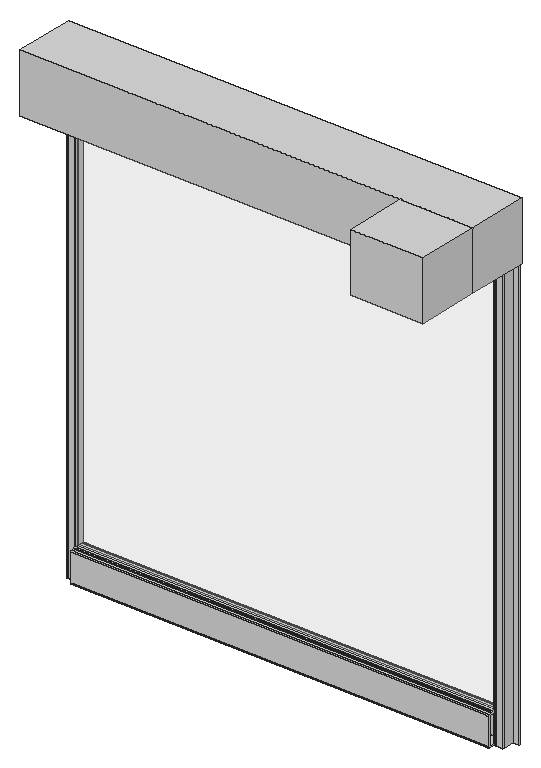
Revit family "Door-Crossing-Gard-Grille_FaceOfWallMount_Cookson", category Doors, host Wall, Revit 2013
Parameters (values of type "Motor Operated, Aluminium (Anodized Finish), 3" Vertical Spacing")
  Sizing Disclaimer = "Openings from 5' to 24' wide and 4' to 20' high."  # constant formula
  Revit Object Download Link = "http://cornellcookson.smartbim.com/download/Door_Crossing-Gard-Grille_FaceOfWallMount_Cookson"
  Motor = yes
  Function = Interior
  Drip Extension = 0' - 5"
  Curtain Rods 2" OC Standard = Aluminum, anodized finish 3" Spacing (curtain only)
  Bottom Bar = Aluminum, anodized finish(non-curtain components)
  Guides = Aluminum, anodized finish(non-curtain components)
  Hood = Aluminum, anodized finish(non-curtain components)
  Mounting = "Face of Wall "  # constant formula
  URL = "www.cooksondoor.com/product/CrossingGard-Grilles"
  Subcategory = "Roll Up"  # constant formula
  Shutter Width = Width + 2 * 0' 2 1/2" + 2 * 0' 0 15/32"  # 10' - 5 15/16"
  Shutter Height = Height - 0' 4 205/256"  # 9' - 7 51/256"
  Optional aluminum, color anodized finish = no
  Operator Height = 5' - 4"
  Operator = Operator : Motor Operator
  Operation = ""
  From Coil Side Operate on Right = yes
  From Coil Side Operate on Left = not(From Coil Side Operate on Right)  # no
  Curtain Spacing Vertical Chains 9" OC = no
  Curtain Spacing Vertical Chains 6" OC = no
  Curtain Spacing Vertical Chains 3" OC = yes
  Model = "ERG-IBC"  # constant formula
  Manufacturer = "CornellCookson,Inc."  # constant formula
  LEED Information = "http://www.cooksondoor.com/architect-tools-and-resources/leed-information"
  Height = 10' - 0"
  Wall Closure = By host
  Width = 10' - 0"
  Description = "The security of a locked rolling grille that opens on alarm or power failure allowing safe escape."  # constant formula
  Construction Type = ""
  Assembly Code = "B2030410"
  95 CSI = "08330"  # constant formula
  Coil Dimension Note = "15” to 20” - Consult Cornell when dimensions are critical."  # constant formula
  Jamb Dimension Note = " 3” to 4 1/2”  wide. Consult Cornell when dimensions are critical"  # constant formula
  Wall Construction = "Self supporting tubes, Masonry, Steel or Wood"  # constant formula
  Listings = "ICC-ES Evaluated for access controlled egress per the IBC®, per ESR-1167"  # constant formula
  URL Specifications = "http://www.cooksondoor.com/docs/default-source/Specifications/crossinggard-emergency-response-grilles-specification_k.doc?sfvrsn=6"
  URL Photographs = "www.cooksondoor.com/product/CrossingGard-Grilles"
  URL CAD = "www.cooksondoor.com/architect-tools-and-resources/drawing-generator?prod=crossinggard"
  Representative Disclaimer = "Cookson products are sold and installed through a nationwide network of independent distributors."  # constant formula
  Distributor Locator = "http://www.cooksondoor.com/find-a-dealer"
  04 CSI = "08 33 00"  # constant formula
  Cost Note = "Based on size, materials selected. Consult Cookson."  # constant formula
Types (12): name | Curtain Rods 2" OC Standard | Bottom Bar | Guides | Hood | Curtain Spacing Vertical Chains 9" OC | Curtain Spacing Vertical Chains 6" OC | Curtain Spacing Vertical Chains 3" OC
  Motor Operated, Aluminium (Anodized Finish), 9" Vertical Spacing | Stainless steel 9" Spacing (curtain only) | Stainless steel(non-curtain components) | Stainless steel(non-curtain components) | Stainless steel(non-curtain components) | yes | no | no
  Motor Operated, Aluminium (Mill Finish), 9" Vertical Spacing | Aluminum, mill finish 9" Spacing (curtain only) | Aluminum, mill finish(non-curtain components) | Aluminum, mill finish(non-curtain components) | Aluminum, mill finish(non-curtain components) | yes | no | no
  Motor Operated, Galvanized Steel, 9" Vertical Spacing | Galvanized steel 9" Spacing (curtain only) | Galvanized steel curtain, galvanized or powder coated plain steel components(non-curtain components) | Galvanized steel curtain, galvanized or powder coated plain steel components(non-curtain components) | Galvanized steel curtain, galvanized or powder coated plain steel components(non-curtain components) | yes | no | no
  Motor Operated, Stainless Steel, 9" Vertical Spacing | Stainless steel 9" Spacing (curtain only) | Stainless steel(non-curtain components) | Stainless steel(non-curtain components) | Stainless steel(non-curtain components) | yes | no | no
  Motor Operated, Stainless Steel, 6" Vertical Spacing | Stainless steel 6" Spacing (curtain only) | Stainless steel(non-curtain components) | Stainless steel(non-curtain components) | Stainless steel(non-curtain components) | no | yes | no
  Motor Operated, Stainless Steel, 3" Vertical Spacing | Stainless steel 3" Spacing (curtain only) | Stainless steel(non-curtain components) | Stainless steel(non-curtain components) | Stainless steel(non-curtain components) | no | no | yes
  Motor Operated, Galvanized Steel, 6" Vertical Spacing | Galvanized steel 6" Spacing (curtain only) | Galvanized steel curtain, galvanized or powder coated plain steel components(non-curtain components) | Galvanized steel curtain, galvanized or powder coated plain steel components(non-curtain components) | Galvanized steel curtain, galvanized or powder coated plain steel components(non-curtain components) | no | yes | no
  Motor Operated, Galvanized Steel, 3" Vertical Spacing | Galvanized steel 3" Spacing (curtain only) | Galvanized steel curtain, galvanized or powder coated plain steel components(non-curtain components) | Galvanized steel curtain, galvanized or powder coated plain steel components(non-curtain components) | Galvanized steel curtain, galvanized or powder coated plain steel components(non-curtain components) | no | no | yes
  Motor Operated, Aluminium (Mill Finish), 6" Vertical Spacing | Aluminum, mill finish 6" Spacing (curtain only) | Aluminum, mill finish(non-curtain components) | Aluminum, mill finish(non-curtain components) | Aluminum, mill finish(non-curtain components) | no | yes | no
  Motor Operated, Aluminium (Mill Finish), 3" Vertical Spacing | Aluminum, mill finish 3" Spacing (curtain only) | Aluminum, mill finish(non-curtain components) | Aluminum, mill finish(non-curtain components) | Aluminum, mill finish(non-curtain components) | no | no | yes
  Motor Operated, Aluminium (Anodized Finish), 6" Vertical Spacing | Aluminum, anodized finish 6" Spacing (curtain only) | Aluminum, anodized finish(non-curtain components) | Aluminum, anodized finish(non-curtain components) | Aluminum, anodized finish(non-curtain components) | no | yes | no
  Motor Operated, Aluminium (Anodized Finish), 3" Vertical Spacing | Aluminum, anodized finish 3" Spacing (curtain only) | Aluminum, anodized finish(non-curtain components) | Aluminum, anodized finish(non-curtain components) | Aluminum, anodized finish(non-curtain components) | no | no | yes
Reference planes (in)
  plane 1 "Center (Front/Back)": y = 0
  plane 2 "Center (Left/Right)": x = 36
  plane 3 "Left": x = -24
  plane 4 "Right": x = 96
  plane 5 "Top": z = 120
  plane 6 "Wall Edge": y = -4.25
  plane 7: y = -4.25
  plane 8 "Top of Hood": z = 142
  plane 9: y = -17.875
  plane 10: z = 125
  plane 11: z = 4.39975
  plane 12: z = 4.39975
  plane 13: z = 6.41361
  plane 14: z = 10.41361
  plane 15: y = -6.125
  plane 16: x = -29.5
  plane 17: x = 101.5
  plane 18: x = -27
  plane 19: x = 99
  plane 20: z = 132
  plane 21: y = -21.75
  plane 22: y = -39.75
Forms (in)
  Sweep 1, solid, material "Aluminum, anodized finish(non-curtain components)" <- "Guides"
    path origin (-95.55277, -6.125, 84) x (-1, 0, 0) y (0, 0, 1)
      loop
        line (-192.05277, -84) -> (-71.05277, -84)
    profile "Profile_BottomBar : Profile_BottomBar" origin (36, -6.125, 0) x (0, 0, 1) y (0, 1, 0)
      loop
        line (0.252, 1.15352) -> (0.252, -3.26114) -> (8.31715, -3.26114) -> (8.31715, 1.15352) -> (0.252, 1.15352)
      loop
        line (0.17656, -3.48747) -> (8.39259, -3.48747)
        arc (8.39259, -3.48747) -> (8.49929, -3.44328) -> (8.54348, -3.33658) r 0.15089
        line (8.54348, -3.33658) -> (8.54348, -2.49697)
        arc (8.54348, -2.49697) -> (8.58767, -2.39028) -> (8.69437, -2.34608) r 0.15089
        line (8.69437, -2.34608) -> (8.85012, -2.34608)
        arc (8.85012, -2.34608) -> (8.95681, -2.30189) -> (9.00101, -2.1952) r 0.15089
        line (9.00101, -2.1952) -> (9.00101, 0.08758)
        arc (9.00101, 0.08758) -> (8.95681, 0.19427) -> (8.85012, 0.23846) r 0.15089
        line (8.85012, 0.23846) -> (8.69437, 0.23846)
        arc (8.69437, 0.23846) -> (8.58767, 0.28266) -> (8.54348, 0.38935) r 0.15089
        line (8.54348, 0.38935) -> (8.54348, 1.22896)
        arc (8.54348, 1.22896) -> (8.49929, 1.33566) -> (8.39259, 1.37985) r 0.15089
        line (8.39259, 1.37985) -> (0.17656, 1.37985)
        arc (0.17656, 1.37985) -> (0.06986, 1.33566) -> (0.02567, 1.22896) r 0.15089
        line (0.02567, 1.22896) -> (0.02567, -3.33658)
        arc (0.02567, -3.33658) -> (0.06986, -3.44328) -> (0.17656, -3.48747) r 0.15089
  Sweep 2, solid, material "Aluminum, anodized finish(non-curtain components)" <- "Guides"
    path origin (-60, -4.25, 0) x (1, 0, 0) y (0, 0, 1)
      loop
        line (161.5, 125) -> (161.5, 0)
    profile "Guide-Profile : Guide-Profile" origin (101.5, -4.25, 62.5) x (1, 0, 0) y (0, -1, 0)
      loop
        line (-4.5, 2.484) -> (-4.5, 2.688) -> (-4.64, 2.688) -> (-4.64, 2.56104) -> (-4.86, 2.56104) -> (-4.86, 2.688) -> (-5, 2.688) -> (-5, 2.52275) -> (-5, 1.186) -> (-4.875, 1.124) -> (-2.5, 1.124) -> (-2.5, 0) -> (-0.5, 0) -> (-0.5, 0.188) -> (-2.312, 0.188) -> (-2.312, 3) -> (-2.5, 3) -> (-2.5, 2.562) -> (-2.563, 2.562) -> (-2.563, 3.3125) -> (-2.5, 3.3125) -> (-2.5, 3.625) -> (-4.875, 3.625) -> (-5, 3.563) -> (-5, 3.312) -> (-4.86, 3.312) -> (-4.86, 3.51604) -> (-4.64, 3.51604) -> (-4.64, 3.312) -> (-4.5, 3.312) -> (-4.5, 3.516) -> (-2.688, 3.516) -> (-2.688, 2.484) -> (-4.5, 2.484)
  Sweep 3, solid, material "Aluminum, anodized finish(non-curtain components)" <- "Guides"
    path origin (-60, -4.25, 0) x (1, 0, 0) y (0, 0, 1)
      loop
        line (30.5, 125) -> (30.5, 0)
    profile "Guide-Profile : Guide-Profile" origin (-29.5, -4.25, 62.5) x (1, 0, 0) y (0, -1, 0)
      loop
        line (4.5, 2.484) -> (2.688, 2.484) -> (2.688, 3.516) -> (4.5, 3.516) -> (4.5, 3.312) -> (4.64, 3.312) -> (4.64, 3.51604) -> (4.86, 3.51604) -> (4.86, 3.312) -> (5, 3.312) -> (5, 3.563) -> (4.875, 3.625) -> (2.5, 3.625) -> (2.5, 3.3125) -> (2.563, 3.3125) -> (2.563, 2.562) -> (2.5, 2.562) -> (2.5, 3) -> (2.312, 3) -> (2.312, 0.188) -> (0.5, 0.188) -> (0.5, 0) -> (2.5, 0) -> (2.5, 1.124) -> (4.875, 1.124) -> (5, 1.186) -> (5, 2.52275) -> (5, 2.688) -> (4.86, 2.688) -> (4.86, 2.56104) -> (4.64, 2.56104) -> (4.64, 2.688) -> (4.5, 2.688) -> (4.5, 2.484)
  Extrusion 4, solid, material "Aluminum, anodized finish 3" Spacing (curtain only)" <- "Curtain Rods 2" OC Standard"
    sketch origin (0, 0, 0) x (1, 0, 0) y (0, 0, 1)
      loop
        line (-24.5, 125) -> (-24.5, 9.00101) -> (96.5, 9.00101) -> (96.5, 125) -> (-24.5, 125)
    from 6.938 to 7.562
Cuts and joins
  joined: Sweep 1, Sweep 2, Sweep 3
Lines and regions (in)
  Opening 1
    outline origin (-90, -4.25, 0) x (1, 0, 0) y (0, 0, 1)
      loop
        line (66, 0) -> (186, 0) -> (186, 120) -> (66, 120) -> (66, 0)
  symbolic lines
    curve 1: line (101, -4.438, 0) -> (101, -4.25, 0)
    curve 2: line (99.188, -4.438, 0) -> (101, -4.438, 0)
    curve 3: line (99.188, -7.25, 0) -> (99.188, -4.438, 0)
    curve 4: line (101, -4.25, 0) -> (99, -4.25, 0)
    curve 5: line (99, -7.25, 0) -> (99.188, -7.25, 0)
    curve 6: line (99, -6.812, 0) -> (99, -7.25, 0)
    curve 7: line (98.937, -6.812, 0) -> (99, -6.812, 0)
    curve 8: line (98.937, -7.5625, 0) -> (98.937, -6.812, 0)
    curve 9: line (99, -7.5625, 0) -> (98.937, -7.5625, 0)
    curve 10: line (99, -7.875, 0) -> (99, -7.5625, 0)
    curve 11: line (96.625, -7.875, 0) -> (99, -7.875, 0)
    curve 12: line (96.5, -7.813, 0) -> (96.625, -7.875, 0)
    curve 13: line (96.5, -7.562, 0) -> (96.5, -7.813, 0)
    curve 14: line (96.64, -7.562, 0) -> (96.5, -7.562, 0)
    curve 15: line (96.64, -7.76604, 0) -> (96.64, -7.562, 0)
    curve 16: line (96.86, -7.76604, 0) -> (96.64, -7.76604, 0)
    curve 17: line (96.86, -7.562, 0) -> (96.86, -7.76604, 0)
    curve 18: line (97, -7.562, 0) -> (96.86, -7.562, 0)
    curve 19: line (97, -7.766, 0) -> (97, -7.562, 0)
    curve 20: line (98.812, -7.766, 0) -> (97, -7.766, 0)
    curve 21: line (98.812, -6.734, 0) -> (98.812, -7.766, 0)
    curve 22: line (97, -6.734, 0) -> (98.812, -6.734, 0)
    curve 23: line (97, -6.938, 0) -> (97, -6.734, 0)
    curve 24: line (96.86, -6.938, 0) -> (97, -6.938, 0)
    curve 25: line (96.86, -6.81104, 0) -> (96.86, -6.938, 0)
    curve 26: line (96.64, -6.81104, 0) -> (96.86, -6.81104, 0)
    curve 27: line (96.64, -6.938, 0) -> (96.64, -6.81104, 0)
    curve 28: line (96.5, -6.938, 0) -> (96.64, -6.938, 0)
    curve 29: line (96.5, -5.436, 0) -> (96.5, -6.938, 0)
    curve 30: line (96.625, -5.374, 0) -> (96.5, -5.436, 0)
    curve 31: line (99, -5.374, 0) -> (96.625, -5.374, 0)
    curve 32: line (99, -4.25, 0) -> (99, -5.374, 0)
    curve 33: line (-24.5, -6.938, 0) -> (-24.5, -5.436, 0)
    curve 34: line (-24.5, -5.436, 0) -> (-24.625, -5.374, 0)
    curve 35: line (-24.625, -5.374, 0) -> (-27, -5.374, 0)
    curve 36: line (-27, -5.374, 0) -> (-27, -4.25, 0)
    curve 37: line (-27, -4.25, 0) -> (-29, -4.25, 0)
    curve 38: line (-29, -4.25, 0) -> (-29, -4.438, 0)
    curve 39: line (-29, -4.438, 0) -> (-27.188, -4.438, 0)
    curve 40: line (-27.188, -4.438, 0) -> (-27.188, -7.25, 0)
    curve 41: line (-27.188, -7.25, 0) -> (-27, -7.25, 0)
    curve 42: line (-27, -7.25, 0) -> (-27, -6.812, 0)
    curve 43: line (-27, -6.812, 0) -> (-26.937, -6.812, 0)
    curve 44: line (-26.937, -6.812, 0) -> (-26.937, -7.5625, 0)
    curve 45: line (-26.937, -7.5625, 0) -> (-27, -7.5625, 0)
    curve 46: line (-27, -7.5625, 0) -> (-27, -7.875, 0)
    curve 47: line (-27, -7.875, 0) -> (-24.625, -7.875, 0)
    curve 48: line (-24.625, -7.875, 0) -> (-24.5, -7.813, 0)
    curve 49: line (-24.5, -7.813, 0) -> (-24.5, -7.562, 0)
    curve 50: line (-24.5, -7.562, 0) -> (-24.64, -7.562, 0)
    curve 51: line (-24.64, -7.562, 0) -> (-24.64, -7.76604, 0)
    curve 52: line (-24.64, -7.76604, 0) -> (-24.86, -7.76604, 0)
    curve 53: line (-24.86, -7.76604, 0) -> (-24.86, -7.562, 0)
    curve 54: line (-24.86, -7.562, 0) -> (-25, -7.562, 0)
    curve 55: line (-25, -7.562, 0) -> (-25, -7.766, 0)
    curve 56: line (-25, -7.766, 0) -> (-26.812, -7.766, 0)
    curve 57: line (-26.812, -7.766, 0) -> (-26.812, -6.734, 0)
    curve 58: line (-26.812, -6.734, 0) -> (-25, -6.734, 0)
    curve 59: line (-25, -6.734, 0) -> (-25, -6.938, 0)
    curve 60: line (-25, -6.938, 0) -> (-24.86, -6.938, 0)
    curve 61: line (-24.86, -6.938, 0) -> (-24.86, -6.81104, 0)
    curve 62: line (-24.86, -6.81104, 0) -> (-24.64, -6.81104, 0)
    curve 63: line (-24.64, -6.81104, 0) -> (-24.64, -6.938, 0)
    curve 64: line (-24.64, -6.938, 0) -> (-24.5, -6.938, 0)
    curve 65: line (96.5, -6.938, 0) -> (-24.5, -6.938, 0)
    curve 66: line (-24.5, -7.562, 0) -> (96.5, -7.562, 0)
    curve 67: line (-24.5, -6.938, 0) -> (-24.5, -7.562, 0)
    curve 68: line (96.5, -7.562, 0) -> (96.5, -6.938, 0)
    curve 69: line (96.5, -5.88654, 0) -> (-24.5, -5.88654, 0)
    curve 70: line (96.5, -4.74515, 0) -> (-24.5, -4.74515, 0)
    curve 71: line (96.5, -4.74515, 0) -> (96.5, -5.436, 0)
    curve 72: line (96.5, -9.61247, 0) -> (96.5, -7.813, 0)
    curve 73: line (96.5, -8.47108, 0) -> (-24.5, -8.47108, 0)
    curve 74: line (96.5, -9.61247, 0) -> (-24.5, -9.61247, 0)
    curve 75: line (-24.5, -9.61247, 0) -> (-24.5, -7.813, 0)
    curve 76: line (-24.5, -4.74515, 0) -> (-24.5, -5.436, 0)
Text (in)
  text "Exterior" at (-74.96733, 27.31104, 0), in view "Ref. Level"
  text "Interior" at (-74.96733, -25.14366, 0), in view "Ref. Level"
  text "Exterior" at (0, 40.15149, 123.01588), in view "Right"
  text "Interior" at (0, -64.39139, 123.01588), in view "Right"
  text "Interior" at (0, -63.63426, 123.00693), in view "Left"
  text "Exterior" at (0, 54.57065, 123.00693), in view "Left"
Dimensions and locks (in)
  equal spacing: plane 3 "Left", plane 2 "Center (Left/Right)", plane 4 "Right"
  "Height": level to plane 5 "Top"
  "Width": plane 3 "Left" to plane 4 "Right"
  locked: plane 7 to plane 6 "Wall Edge"
  "Drip Extension": plane 10 to plane 5 "Top"
  locked: plane 8 "Top of Hood" to plane 10 at 17
  locked: level to plane 11 at 4.39975
  locked: level to plane 12 at 4.39975
  locked: plane 6 "Wall Edge" to plane 9 at 13.625
  locked: plane 13 to level at 6.41361
  locked: level to plane 14 at 10.41361
  locked: plane 6 "Wall Edge" to plane 15 at 1.875
  locked: plane 16 to plane 3 "Left" at 5.5
  locked: plane 4 "Right" to plane 17 at 5.5
  locked: plane 16 to plane 18 at 2.5
  locked: plane 19 to plane 17 at 2.5
  plane 22 to plane 21 to plane 6 "Wall Edge" = 1' - 6", 1' - 5 1/2"
  plane 10 to plane 5 "Top" = 0' - 5"
  plane 8 "Top of Hood" to level = 11' - 10"
  aligned and locked: plane 3 "Left" to Opening 1 sketch curve
  aligned and locked: plane 5 "Top" to Opening 1 sketch curve  (x2)
  aligned and locked: Opening 1 sketch curve to plane 4 "Right"
  aligned and locked: Opening 1 sketch curve to level
  aligned and locked: plane 6 "Wall Edge" to host wall
  aligned and locked: nested 1 to plane 2 "Center (Left/Right)"
  aligned and locked: nested 1 to host wall
  aligned and locked: level to Sweep 2 sketch curve
  aligned and locked: level to Sweep 3 sketch curve
  aligned and locked: Sweep 3 sketch curve to plane 16
  aligned and locked: plane 17 to Sweep 2 sketch curve
  aligned and locked: Sweep 1 sketch curve to level
  aligned and locked: plane 10 to Sweep 3 sketch curve
  aligned and locked: plane 10 to Sweep 2 sketch curve
  aligned and locked: plane 21 to nested 1
  aligned and locked: plane 22 to nested 1
  aligned and locked: nested 1 to plane 10
  aligned and locked: Extrusion 4 sketch curve to plane 10
  aligned and locked: Extrusion 4 to cut or joined group of Sweep 1, Sweep 2, Sweep 3  (x5)
  aligned and locked: Extrusion 4 to Sweep 1 sketch curve
  aligned and locked: Sweep 1 sketch curve to Extrusion 4
  aligned and locked: curve 1 to cut or joined group of Sweep 1, Sweep 2, Sweep 3
  aligned and locked: curve 2 to cut or joined group of Sweep 1, Sweep 2, Sweep 3
  aligned and locked: curve 3 to cut or joined group of Sweep 1, Sweep 2, Sweep 3
  aligned and locked: curve 4 to cut or joined group of Sweep 1, Sweep 2, Sweep 3
  aligned and locked: curve 5 to cut or joined group of Sweep 1, Sweep 2, Sweep 3
  aligned and locked: curve 6 to cut or joined group of Sweep 1, Sweep 2, Sweep 3
  aligned and locked: curve 7 to cut or joined group of Sweep 1, Sweep 2, Sweep 3
  aligned and locked: curve 8 to cut or joined group of Sweep 1, Sweep 2, Sweep 3
  aligned and locked: curve 9 to cut or joined group of Sweep 1, Sweep 2, Sweep 3
  aligned and locked: curve 10 to cut or joined group of Sweep 1, Sweep 2, Sweep 3
  aligned and locked: curve 11 to cut or joined group of Sweep 1, Sweep 2, Sweep 3
  aligned and locked: curve 12 to cut or joined group of Sweep 1, Sweep 2, Sweep 3
  aligned and locked: curve 13 to cut or joined group of Sweep 1, Sweep 2, Sweep 3
  aligned and locked: curve 14 to cut or joined group of Sweep 1, Sweep 2, Sweep 3
  aligned and locked: curve 15 to cut or joined group of Sweep 1, Sweep 2, Sweep 3
  aligned and locked: curve 16 to cut or joined group of Sweep 1, Sweep 2, Sweep 3
  aligned and locked: curve 17 to cut or joined group of Sweep 1, Sweep 2, Sweep 3
  aligned and locked: curve 18 to cut or joined group of Sweep 1, Sweep 2, Sweep 3
  aligned and locked: curve 19 to cut or joined group of Sweep 1, Sweep 2, Sweep 3
  aligned and locked: curve 20 to cut or joined group of Sweep 1, Sweep 2, Sweep 3
  aligned and locked: curve 21 to cut or joined group of Sweep 1, Sweep 2, Sweep 3
  aligned and locked: curve 22 to cut or joined group of Sweep 1, Sweep 2, Sweep 3
  aligned and locked: curve 23 to cut or joined group of Sweep 1, Sweep 2, Sweep 3
  aligned and locked: curve 24 to cut or joined group of Sweep 1, Sweep 2, Sweep 3
  aligned and locked: curve 25 to cut or joined group of Sweep 1, Sweep 2, Sweep 3
  aligned and locked: curve 26 to cut or joined group of Sweep 1, Sweep 2, Sweep 3
  aligned and locked: curve 27 to cut or joined group of Sweep 1, Sweep 2, Sweep 3
  aligned and locked: curve 28 to cut or joined group of Sweep 1, Sweep 2, Sweep 3
  aligned and locked: curve 29 to cut or joined group of Sweep 1, Sweep 2, Sweep 3
  aligned and locked: curve 30 to cut or joined group of Sweep 1, Sweep 2, Sweep 3
  aligned and locked: curve 31 to cut or joined group of Sweep 1, Sweep 2, Sweep 3
  aligned and locked: curve 32 to cut or joined group of Sweep 1, Sweep 2, Sweep 3
  aligned and locked: curve 33 to cut or joined group of Sweep 1, Sweep 2, Sweep 3
  aligned and locked: curve 34 to cut or joined group of Sweep 1, Sweep 2, Sweep 3
  aligned and locked: curve 35 to cut or joined group of Sweep 1, Sweep 2, Sweep 3
  aligned and locked: curve 36 to cut or joined group of Sweep 1, Sweep 2, Sweep 3
  aligned and locked: curve 37 to cut or joined group of Sweep 1, Sweep 2, Sweep 3
  aligned and locked: curve 38 to cut or joined group of Sweep 1, Sweep 2, Sweep 3
  aligned and locked: curve 39 to cut or joined group of Sweep 1, Sweep 2, Sweep 3
  aligned and locked: curve 40 to cut or joined group of Sweep 1, Sweep 2, Sweep 3
  aligned and locked: curve 41 to cut or joined group of Sweep 1, Sweep 2, Sweep 3
  aligned and locked: curve 42 to cut or joined group of Sweep 1, Sweep 2, Sweep 3
  aligned and locked: curve 43 to cut or joined group of Sweep 1, Sweep 2, Sweep 3
  aligned and locked: curve 44 to cut or joined group of Sweep 1, Sweep 2, Sweep 3
  aligned and locked: curve 45 to cut or joined group of Sweep 1, Sweep 2, Sweep 3
  aligned and locked: curve 46 to cut or joined group of Sweep 1, Sweep 2, Sweep 3
  aligned and locked: curve 47 to cut or joined group of Sweep 1, Sweep 2, Sweep 3
  aligned and locked: curve 48 to cut or joined group of Sweep 1, Sweep 2, Sweep 3
  aligned and locked: curve 49 to cut or joined group of Sweep 1, Sweep 2, Sweep 3
  aligned and locked: curve 50 to cut or joined group of Sweep 1, Sweep 2, Sweep 3
  aligned and locked: curve 51 to cut or joined group of Sweep 1, Sweep 2, Sweep 3
  aligned and locked: curve 52 to cut or joined group of Sweep 1, Sweep 2, Sweep 3
  aligned and locked: curve 53 to cut or joined group of Sweep 1, Sweep 2, Sweep 3
  aligned and locked: curve 54 to cut or joined group of Sweep 1, Sweep 2, Sweep 3
  aligned and locked: curve 55 to cut or joined group of Sweep 1, Sweep 2, Sweep 3
  aligned and locked: curve 56 to cut or joined group of Sweep 1, Sweep 2, Sweep 3
  aligned and locked: curve 57 to cut or joined group of Sweep 1, Sweep 2, Sweep 3
  aligned and locked: curve 58 to cut or joined group of Sweep 1, Sweep 2, Sweep 3
  aligned and locked: curve 59 to cut or joined group of Sweep 1, Sweep 2, Sweep 3
  aligned and locked: curve 60 to cut or joined group of Sweep 1, Sweep 2, Sweep 3
  aligned and locked: curve 61 to cut or joined group of Sweep 1, Sweep 2, Sweep 3
  aligned and locked: curve 62 to cut or joined group of Sweep 1, Sweep 2, Sweep 3
  aligned and locked: curve 63 to cut or joined group of Sweep 1, Sweep 2, Sweep 3
  aligned and locked: curve 64 to cut or joined group of Sweep 1, Sweep 2, Sweep 3
  aligned and locked: curve 65 to Extrusion 4
  aligned and locked: curve 66 to Extrusion 4
  aligned and locked: curve 67 to Extrusion 4
  aligned and locked: curve 68 to Extrusion 4
  aligned and locked: curve 29 to curve 69
  aligned and locked: curve 69 to cut or joined group of Sweep 1, Sweep 2, Sweep 3
  aligned and locked: curve 70 to cut or joined group of Sweep 1, Sweep 2, Sweep 3
  aligned and locked: curve 71 to cut or joined group of Sweep 1, Sweep 2, Sweep 3
  aligned and locked: curve 72 to cut or joined group of Sweep 1, Sweep 2, Sweep 3
  aligned and locked: curve 72 to curve 73
  aligned and locked: curve 73 to cut or joined group of Sweep 1, Sweep 2, Sweep 3
  aligned and locked: curve 74 to cut or joined group of Sweep 1, Sweep 2, Sweep 3
  aligned and locked: curve 75 to cut or joined group of Sweep 1, Sweep 2, Sweep 3
  aligned and locked: curve 76 to cut or joined group of Sweep 1, Sweep 2, Sweep 3
Automatic sketch dimensions
  plane 3 "Left" to Extrusion 4 sketch curve = 0' - 0 1/2"
  Extrusion 4 sketch curve to plane 4 "Right" = 0' - 0 1/2"
  plane 14 to Extrusion 4 sketch curve = 0' - 1.4126"
Nested families (in)
  nested 1: "Operator" at (36, -12.75, 37.50377), type <- "Operator", type "Motor Operator"
Definition of nested family "Operator"
  Parameters (values of type "Motor Operator")
    Width = 10' - 0"
    Roller Chamber = Stainless steel(non-curtain components)
    Right Motor Visible = not(Motor)  # no
    Right = yes
    Operator Height = Height / 1.5  # 5' - 4"
    Motor = yes
    Material = Stainless steel(non-curtain components)
    Line = no
    Left Motor Visible = not(Motor)  # no
    Left = no
    Height = 8' - 0"
    Default Elevation = 4' - 0"
    Bottom Bar = Stainless steel(non-curtain components)
    Assembly Code = ""
  Reference planes (in)
    plane 1 "Center (Front/Back)": y = 0
    plane 2: z = 0
    plane 3 "Center (Left/Right)": x = 0
    plane 4: x = -60
    plane 5: x = 60
    plane 6: z = 96
    plane 7: y = 8.5
    plane 8: z = 87.49623
    plane 9: x = -42.75
    plane 10: x = 42.75
    plane 11: y = -27.30859
    plane 12: y = -12
    plane 13: y = 6.625
    plane 14: x = -55.5
    plane 15: x = 55.5
    plane 16: x = -65.5
    plane 17: x = 65.5
    plane 18: y = -7
  Forms (in)
    Sweep 1, solid, material "Stainless steel(non-curtain components)" <- "Bottom Bar"
      path origin (-42.75, -180, 87.49623) x (0, -1, 0) y (1, 0, 0)
        loop
          line (-188.5, -22.75) -> (-188.5, 108.25)
      profile "Profile_Hood : Profile_Hood" origin (0, 8.5, 87.49623) x (0, 1, 0) y (0, 0, 1)
        loop
          line (0, 17) -> (-17.5, 17) -> (-17.5, 0) -> (0, 0) -> (0, 17)
    Sweep 2, solid, material "Stainless steel(non-curtain components)" <- "Bottom Bar"
      path origin (-42.75, -180, 87.49623) x (0, -1, 0) y (1, 0, 0)
        loop
          line (-188.5, -22.75) -> (-188.5, 108.25)
      profile "Profile_Hood : Profile_Hood" origin (0, 8.5, 87.49623) x (0, 1, 0) y (0, 0, 1)
        loop
          line (0, 17) -> (-17.5, 17) -> (-17.5, 0) -> (0, 0) -> (0, 17)
    Sweep 3, solid, material "Stainless steel(non-curtain components)" <- "Roller Chamber"
      path origin (-42.75, -180, 87.49623) x (0, -1, 0) y (1, 0, 0)
        loop
          line (-188.5, -22.75) -> (-188.5, 108.25)
      profile "Profile_Hood : Profile_Hood" origin (0, 8.5, 87.49623) x (0, 1, 0) y (0, 0, 1)
        loop
          line (0, 17) -> (-17.5, 17) -> (-17.5, 0) -> (0, 0) -> (0, 17)
  Lines and regions (in)
    symbolic lines, style "GenericModelHiddenLines"
      curve 1: line (-65.5, 8.5, 0) -> (-65.5, -7, 0)
      curve 3: line (65.5, -7, 0) -> (65.5, 8.5, 0)
    symbolic lines, style "GenericModelHiddenLines", visible <- "Line"
      curve 2: line (-65.5, -7, 0) -> (65.5, -7, 0)
    symbolic lines, style "GenericModelHiddenLines", visible <- "Left"
      curve 4: line (-44.5, -7, 0) -> (65.5, -7, 0)
    symbolic lines, style "GenericModelHiddenLines", visible <- "Right"
      curve 5: line (-65.5, -7, 0) -> (44.5, -7, 0)
    symbolic lines, style "GenericModelHiddenLines", visible <- "Right Motor Visible"
      curve 6: line (44.5, -7, 0) -> (65.5, -7, 0)
    symbolic lines, style "GenericModelHiddenLines", visible <- "Left Motor Visible"
      curve 7: line (-65.5, -7, 0) -> (-44.5, -7, 0)
  Dimensions and locks (in)
    equal spacing: plane 4, plane 3 "Center (Left/Right)", plane 5
    "Width": plane 4 to plane 5
    "Height": plane 6 to level
    locked: plane 7 to plane 1 "Center (Front/Back)" at 8.5
    locked: plane 6 to plane 8 at 8.50377
    locked: plane 7 to plane 11 at 35.80859
    locked: plane 7 to plane 13 at 1.875
    locked: plane 15 to plane 5 at 4.5
    locked: plane 4 to plane 14 at 4.5
    locked: plane 16 to plane 4 at 5.5
    locked: plane 17 to plane 5 at 5.5
    locked: plane 18 to plane 7 at 15.5
    aligned and locked: nested 2 to plane 6
    aligned and locked: Sweep 1 sketch curve to plane 7
    aligned and locked: nested 1 to Sweep 1
    aligned and locked: Sweep 2 sketch curve to plane 7
    aligned and locked: Sweep 3 sketch curve to plane 7
    aligned and locked: plane 6 to nested 1
    aligned and locked: plane 16 to Sweep 2 sketch curve
    aligned and locked: plane 17 to Sweep 2 sketch curve
    aligned and locked: plane 16 to Sweep 3 sketch curve
    aligned and locked: plane 17 to Sweep 3 sketch curve
    aligned and locked: plane 16 to Sweep 1 sketch curve
    aligned and locked: plane 17 to Sweep 1 sketch curve
    aligned and locked: plane 7 to curve 1
    aligned and locked: curve 3 to plane 7
    aligned and locked: plane 18 to curve 3
    aligned and locked: plane 18 to curve 4
    aligned and locked: nested 1 to curve 5
    aligned and locked: curve 5 to plane 18
    aligned and locked: nested 1 to curve 6
    aligned and locked: curve 5 to curve 6
    aligned and locked: nested 2 to Sweep 3
    aligned and locked: nested 1 to Sweep 2
    aligned and locked: nested 2 to curve 7
    aligned and locked: plane 16 to nested 2
    aligned and locked: curve 1 to plane 16
  Nested families (in)
    nested 1: "Pull-Down-Pole" at (71.375, -2, 32), visible <- "Right", type "Pull"
    nested 2: "Pull-Down-Pole" at (-71.375, -2, 32) x (-1, 0, 0) z (0, 0, 1), visible <- "Left", type "Pull 2"
  Definition of nested family "Pull-Down-Pole"
    Parameters (values of type "Pull 2")
      Motor = yes
      Material = Aluminum, mill finish(non-curtain components)
      Hood = Aluminum, mill finish(non-curtain components)
      Height = 5' - 4"
      Bottom Bar = Aluminum, mill finish(non-curtain components)
      Assembly Code = ""
    Types (2): name
      Pull 2
      Pull
    Reference planes (in)
      plane 1 "Center (Front/Back)": y = 0
      plane 2: z = 0
      plane 3 "Center (Left/Right)": x = 0
      plane 4: z = 64
      plane 5: y = -7
      plane 6: y = -25
      plane 7: x = -3.625
      plane 8: x = -5.875
      plane 9: x = -1.375
    Forms (in)
      Extrusion 1, solid, material "Aluminum, mill finish(non-curtain components)" <- "Material", visible <- "Motor"
        sketch origin (0, 0, 0) x (1, 0, 0) y (0, 0, 1)
          loop
            line (-26.875, 72.49609) -> (-26.875, 55.49609) -> (-5.875, 55.49609) -> (-5.875, 72.49609) -> (-26.875, 72.49609)
        from 7 to 25
      Extrusion 2, solid, material "Aluminum, mill finish(non-curtain components)" <- "Bottom Bar", not visible
        sketch origin (-9.625, -8.75, 56.81318) x (0, 0, 1) y (0, -1, 0)
          loop
            line (15.68682, -17.125) -> (15.68682, -1.75) -> (-1.31318, -1.75) -> (-1.31318, -17.125) -> (15.68682, -17.125)
        from 3.75 to 8.25
      Extrusion 3, solid, material "Aluminum, mill finish(non-curtain components)" <- "Bottom Bar", not visible
        sketch origin (-5.875, -5.3125, 56.81318) x (0, 0, -1) y (0, -1, 0)
          loop
            line (-15.68682, 1.6875) -> (-15.68682, -13.6875) -> (1.31318, -13.6875) -> (1.31318, 1.6875) -> (-15.68682, 1.6875)
        from -4.5 to 0
    Lines and regions (in)
      symbolic lines, style "GenericModelHiddenLines", visible <- "Motor"
        curve 1: line (-26.875, -25, 0) -> (-26.875, -7, 0)
        curve 2: line (-26.875, -25, 0) -> (-5.875, -25, 0)
        curve 3: line (-5.875, -25, 0) -> (-5.875, -7, 0)
    Dimensions and locks (in)
      "Height": plane 4 to level
      locked: plane 3 "Center (Left/Right)" to Extrusion 1 sketch curve at 5.875
      locked: Extrusion 1 sketch curve to Extrusion 1 sketch curve at 21
      locked: plane 4 to Extrusion 1 sketch curve at 8.50391
      locked: Extrusion 1 sketch curve to plane 4 at 8.49609
      locked: plane 1 "Center (Front/Back)" to plane 5 at 7
      plane 5 to plane 6 = 1' - 6"
      Extrusion 2 to plane 7 = 0' - 2 1/4"
      locked: plane 8 to plane 9 at 4.5
      equal spacing: plane 8, plane 7, plane 9
      plane 5 to plane 1 "Center (Front/Back)" = 0' - 7"
      plane 1 "Center (Front/Back)" to Extrusion 3 sketch curve = 0' - 8 3/8"
      Extrusion 2 to plane 4 = 0' - 8 1/2"
      aligned and locked: plane 5 to Extrusion 1
      aligned and locked: plane 6 to Extrusion 1
      aligned and locked: plane 4 to nested 1
      aligned and locked: plane 7 to nested 1
      aligned and locked: plane 1 "Center (Front/Back)" to nested 1
      aligned and locked: Extrusion 2 to Extrusion 3
      aligned and locked: Extrusion 3 to plane 9
      aligned and locked: Extrusion 2 to plane 9
      aligned and locked: plane 5 to curve 1
      aligned and locked: plane 6 to curve 1
      aligned and locked: plane 5 to curve 3
      aligned and locked: plane 6 to curve 3
      aligned and locked: Extrusion 1 to curve 2
      aligned and locked: curve 2 to Extrusion 1
    Automatic sketch dimensions
      Extrusion 3 sketch curve to Extrusion 2 = 0' - 0"  (x2)
      Extrusion 3 sketch curve to Extrusion 2 = 1' - 3 3/8"
      Extrusion 2 sketch curve to plane 5 = 0' - 0"
      Extrusion 2 sketch curve to plane 4 = 0' - 8 1/2"
      plane 4 to Extrusion 2 sketch curve = 0' - 8 1/2"
      Extrusion 2 sketch curve to Extrusion 2 sketch curve = 1' - 3 3/8"
    Nested families (in)
      nested 1: "Hand Crank" at (-3.625, 0, 0), type "Pull"
        with Crank Visibility no
    Definition of nested family "Hand Crank"
      Parameters (values of type "Pull 2")
        Pull Visibility = no
        Material = none
        Height = 5' - 4"
        Crank Visibility = yes
        Chain Visibility = no
        Assembly Code = ""
      Types (2): name
        Pull
        Pull 2
      Reference planes (in)
        plane 1 "Center (Front/Back)": y = 0
        plane 2: z = 0
        plane 3 "Center (Left/Right)": x = 0
        plane 4: z = 64
      Forms (in)
        Extrusion 1, solid, material <- "Material", visible <- "Crank Visibility"
          sketch origin (0.49219, 0, -9.71913) x (1, 0, 0) y (0, 1, 0)
            loop
              circle (-0.49219, 0) r 0.3635
          from 27.71913 to 73.71913
        Revolve 2, solid, material <- "Material", visible <- "Crank Visibility"
          sketch origin (0.48828, 0, 0) x (1, 0, 0) y (0, 0, 1)
            loop
              line (-0.00839, 16.40625) -> (-0.00839, 17.75)
              arc (-0.00839, 17.75) -> (0.0137, 17.75915) -> (0.02286, 17.78125) r 0.03125
              line (0.02286, 17.78125) -> (0.02286, 17.96875)
              arc (0.02286, 17.96875) -> (0.0137, 17.99085) -> (-0.00839, 18) r 0.03125
              line (-0.00839, 18) -> (-0.12478, 18) -> (-0.25839, 16.375) -> (-0.03964, 16.375)
              arc (-0.03964, 16.375) -> (-0.01755, 16.38415) -> (-0.00839, 16.40625) r 0.03125
            axis (-0.5, 16.375) -> (-0.5, 18)
          angle from 0 to 360
        Extrusion 3, solid, material <- "Material", visible <- "Crank Visibility"
          sketch origin (0.48828, 0, -9.71913) x (1, 0, 0) y (0, 1, 0)
            loop
              circle (-0.5, 0) r 0.24161
          from 24.71913 to 26.09413
        Revolve 4, solid, material <- "Material", visible <- "Crank Visibility"
          sketch origin (0.48828, 0, -33.71913) x (1, 0, 0) y (0, 0, 1)
            loop
              line (-0.10214, 48.71913) -> (-0.5, 48.71913) -> (-0.5, 44.28163) -> (-0.10214, 44.28163)
              arc (-0.10214, 44.28163) -> (-0.08321, 44.29598) -> (-0.06782, 44.31409) r 0.10929
              arc (-0.06782, 44.31409) -> (-0.0568, 44.33489) -> (-0.05048, 44.35756) r 0.10929
              arc (-0.05048, 44.35756) -> (-0.04908, 44.37899) -> (-0.05189, 44.40028) r 0.10929
              arc (-0.05189, 44.40028) -> (-0.06078, 44.4247) -> (-0.07518, 44.44633) r 0.10929
              arc (-0.07518, 44.44633) -> (-0.08774, 44.45883) -> (-0.10214, 44.46913) r 0.10929
              line (-0.10214, 44.46913) -> (-0.25839, 44.46913) -> (-0.25839, 44.53163) -> (-0.03964, 44.53163)
              arc (-0.03964, 44.53163) -> (0.02286, 46.50038) -> (-0.03964, 48.46913) r 31.03906
              line (-0.03964, 48.46913) -> (-0.25839, 48.46913) -> (-0.25839, 48.53163) -> (-0.10214, 48.53163)
              arc (-0.10214, 48.53163) -> (-0.089, 48.54117) -> (-0.07741, 48.55254) r 0.11027
              arc (-0.07741, 48.55254) -> (-0.06715, 48.5662) -> (-0.05913, 48.58129) r 0.11027
              arc (-0.05913, 48.58129) -> (-0.05268, 48.60089) -> (-0.05, 48.62136) r 0.11027
              arc (-0.05, 48.62136) -> (-0.05282, 48.65047) -> (-0.06319, 48.67782) r 0.11027
              arc (-0.06319, 48.67782) -> (-0.07996, 48.70102) -> (-0.10214, 48.71913) r 0.11027
            axis (-0.5, 44.28163) -> (-0.5, 48.71913)
          angle from 0 to 360
        Revolve 5, solid, material <- "Material", visible <- "Crank Visibility"
          sketch origin (0.48828, 0, 0) x (1, 0, 0) y (0, 0, 1)
            loop
              line (-7.10196, 4.6875) -> (-7.49981, 4.6875) -> (-7.49981, 0) -> (-7.28964, 0) -> (-7.25839, 0.03125) -> (-7.25839, 0.25) -> (-7.10196, 0.25)
              arc (-7.10196, 0.25) -> (-7.08302, 0.26435) -> (-7.06764, 0.28246) r 0.10929
              arc (-7.06764, 0.28246) -> (-7.05661, 0.30326) -> (-7.0503, 0.32593) r 0.10929
              arc (-7.0503, 0.32593) -> (-7.04889, 0.34736) -> (-7.05171, 0.36865) r 0.10929
              arc (-7.05171, 0.36865) -> (-7.0606, 0.39307) -> (-7.075, 0.4147) r 0.10929
              arc (-7.075, 0.4147) -> (-7.08755, 0.4272) -> (-7.10196, 0.4375) r 0.10929
              line (-7.10196, 0.4375) -> (-7.25821, 0.4375) -> (-7.25821, 0.5) -> (-7.03946, 0.5)
              arc (-7.03946, 0.5) -> (-6.97696, 2.46875) -> (-7.03946, 4.4375) r 31.03906
              line (-7.03946, 4.4375) -> (-7.25821, 4.4375) -> (-7.25821, 4.5) -> (-7.10196, 4.5)
              arc (-7.10196, 4.5) -> (-7.08882, 4.50954) -> (-7.07722, 4.52091) r 0.11027
              arc (-7.07722, 4.52091) -> (-7.06696, 4.53457) -> (-7.05894, 4.54966) r 0.11027
              arc (-7.05894, 4.54966) -> (-7.05249, 4.56926) -> (-7.04981, 4.58973) r 0.11027
              arc (-7.04981, 4.58973) -> (-7.05263, 4.61884) -> (-7.06301, 4.64619) r 0.11027
              arc (-7.06301, 4.64619) -> (-7.07978, 4.66939) -> (-7.10196, 4.6875) r 0.11027
            axis (-7.49981, 0) -> (-7.49981, 4.6875)
          angle from 0 to 360
        Sweep 6, solid, material <- "Material", visible <- "Crank Visibility"
          path origin (0.48828, 0, 0) x (1, 0, 0) y (0, 0, 1)
            loop
              arc (-7.49004, 4.6119) -> (-7.47789, 4.71547) -> (-7.45023, 4.816) r 0.6875
              arc (-7.45023, 4.816) -> (-7.43834, 4.84678) -> (-7.42499, 4.87696) r 0.6875
              arc (-7.42499, 4.87696) -> (-7.41762, 4.89212) -> (-7.40987, 4.9071) r 0.6875
              arc (-7.40987, 4.9071) -> (-7.38741, 4.94613) -> (-7.36243, 4.98361) r 0.6875
              arc (-7.36243, 4.98361) -> (-7.33964, 5.01371) -> (-7.31523, 5.04252) r 0.6875
              arc (-7.31523, 5.04252) -> (-7.29391, 5.06527) -> (-7.27158, 5.08702) r 0.6875
              line (-7.27158, 5.08702) -> (-0.63776, 10.21872)
              arc (-0.63776, 10.21872) -> (-0.61587, 10.24313) -> (-0.59517, 10.26856) r 0.6875
              arc (-0.59517, 10.26856) -> (-0.57706, 10.29302) -> (-0.56005, 10.31826) r 0.6875
              arc (-0.56005, 10.31826) -> (-0.54767, 10.33829) -> (-0.53598, 10.35873) r 0.6875
              arc (-0.53598, 10.35873) -> (-0.52266, 10.38421) -> (-0.51043, 10.41023) r 0.6875
              arc (-0.51043, 10.41023) -> (-0.49993, 10.43513) -> (-0.49042, 10.46042) r 0.6875
              arc (-0.49042, 10.46042) -> (-0.47982, 10.49292) -> (-0.47085, 10.5259) r 0.6875
              arc (-0.47085, 10.5259) -> (-0.46028, 10.57739) -> (-0.45368, 10.62953) r 0.6875
          profile origin (-3.46639, 0, 7.65287) x (-0.611862, 0, 0.790964) y (0, -1, 0)
            loop
              circle (0, 0) r 0.21875
      Dimensions and locks (in)
        "Height": plane 4 to level
        aligned and locked: plane 4 to Extrusion 1
      Automatic sketch dimensions
        plane 3 "Center (Left/Right)" to Extrusion 1 sketch curve = 0' - 0"
        Extrusion 1 sketch curve to plane 1 "Center (Front/Back)" = 0' - 0"
        Revolve 2 sketch curve to plane 3 "Center (Left/Right)" = 0' - 0 3/256"
        Revolve 2 sketch curve to Revolve 2 sketch curve = 0' - 0.24161"
        Revolve 2 sketch curve to Revolve 2 sketch curve = 0' - 0.37522"
        Revolve 2 sketch curve to Revolve 2 sketch curve = 0' - 0 7/32"
        Revolve 2 sketch curve to Revolve 2 sketch curve = 0' - 0.11639"
        Revolve 2 sketch curve to Revolve 2 sketch curve = 0' - 0"  (x2)
        Revolve 2 sketch curve to Revolve 2 sketch curve = 0' - 0 1/32"
        level to Revolve 2 sketch curve = 1' - 4 3/8"
        Revolve 2 sketch curve to Revolve 2 sketch curve = 0' - 1 11/32"
        Revolve 2 sketch curve to Revolve 2 sketch curve = 0' - 0 3/16"
        Revolve 2 sketch curve to Revolve 2 sketch curve = 0' - 0.55649"
        Extrusion 3 sketch curve to plane 3 "Center (Left/Right)" = 0' - 0 3/256"
        Extrusion 3 sketch curve to plane 1 "Center (Front/Back)" = 0' - 0"
        Revolve 4 sketch curve to Revolve 4 sketch curve = 0' - 0"  (x42)
        Revolve 4 sketch curve to plane 3 "Center (Left/Right)" = 2' - 6.52792"
        Revolve 4 sketch curve to plane 3 "Center (Left/Right)" = 0' - 0 3/256"
        Revolve 4 sketch curve to Revolve 4 sketch curve = 0' - 0.24161"  (x2)
        Revolve 4 sketch curve to Revolve 4 sketch curve = 0' - 0.0982"
        Revolve 4 sketch curve to Revolve 4 sketch curve = 0' - 0.10009"
        Revolve 4 sketch curve to Revolve 4 sketch curve = 0' - 0.05805"  (x2)
        Revolve 4 sketch curve to Revolve 4 sketch curve = 0' - 0.05616"  (x2)
        Revolve 4 sketch curve to Revolve 4 sketch curve = 0' - 0.02473"
        Revolve 4 sketch curve to Revolve 4 sketch curve = 0' - 0.02696"
        Revolve 4 sketch curve to Revolve 4 sketch curve = 0' - 0.03432"
        Revolve 4 sketch curve to Revolve 4 sketch curve = 0' - 0.03895"
        Revolve 4 sketch curve to Revolve 4 sketch curve = 0' - 0.01828"
        Revolve 4 sketch curve to Revolve 4 sketch curve = 0' - 0.02329"
        Revolve 4 sketch curve to Revolve 4 sketch curve = 0' - 0.00141"
        Revolve 4 sketch curve to Revolve 4 sketch curve = 0' - 0.00913"
        Revolve 4 sketch curve to Revolve 4 sketch curve = 0' - 0 1/16"  (x4)
        level to Revolve 4 sketch curve = 0' - 10 9/16"
        Revolve 4 sketch curve to Revolve 4 sketch curve = 0' - 0.03246"
        Revolve 4 sketch curve to Revolve 4 sketch curve = 0' - 0.36189"
        level to Revolve 4 sketch curve = 1' - 0 25/32"
        Revolve 4 sketch curve to Revolve 4 sketch curve = 0' - 0.02091"
        Revolve 5 sketch curve to Revolve 5 sketch curve = 0' - 0"  (x42)
        Revolve 5 sketch curve to plane 3 "Center (Left/Right)" = 3' - 1.52774"
        Revolve 5 sketch curve to plane 3 "Center (Left/Right)" = 0' - 7.01153"
        Revolve 5 sketch curve to Revolve 5 sketch curve = 0' - 0.21017"
        Revolve 5 sketch curve to Revolve 5 sketch curve = 0' - 0 1/32"  (x2)
        Revolve 5 sketch curve to Revolve 5 sketch curve = 0' - 0.24161"
        Revolve 5 sketch curve to Revolve 5 sketch curve = 0' - 0.00019"
        Revolve 5 sketch curve to Revolve 5 sketch curve = 0' - 0.0982"
        Revolve 5 sketch curve to Revolve 5 sketch curve = 0' - 0.10009"
        Revolve 5 sketch curve to Revolve 5 sketch curve = 0' - 0.05805"  (x2)
        Revolve 5 sketch curve to Revolve 5 sketch curve = 0' - 0.05616"  (x2)
        Revolve 5 sketch curve to Revolve 5 sketch curve = 0' - 0.02473"
        Revolve 5 sketch curve to Revolve 5 sketch curve = 0' - 0.02696"
        Revolve 5 sketch curve to Revolve 5 sketch curve = 0' - 0.03432"
        Revolve 5 sketch curve to Revolve 5 sketch curve = 0' - 0.03895"
        Revolve 5 sketch curve to Revolve 5 sketch curve = 0' - 0.01828"
        Revolve 5 sketch curve to Revolve 5 sketch curve = 0' - 0.02329"
        Revolve 5 sketch curve to Revolve 5 sketch curve = 0' - 0.00141"
        Revolve 5 sketch curve to Revolve 5 sketch curve = 0' - 0.00913"
        Revolve 5 sketch curve to Revolve 5 sketch curve = 0' - 0 1/16"  (x4)
        level to Revolve 5 sketch curve = 0' - 0"
        Revolve 5 sketch curve to Revolve 5 sketch curve = 0' - 0 7/32"
        Revolve 5 sketch curve to Revolve 5 sketch curve = 0' - 0.03246"
        Revolve 5 sketch curve to Revolve 5 sketch curve = 0' - 0.03008"
        level to Revolve 5 sketch curve = 0' - 2 15/32"
        Revolve 5 sketch curve to Revolve 5 sketch curve = 0' - 0.02091"
        Sweep 6 sketch curve to Sweep 6 sketch curve = 0' - 0"  (x72)
        Sweep 6 sketch curve to plane 3 "Center (Left/Right)" = 0' - 7.00176"
        Sweep 6 sketch curve to Sweep 6 sketch curve = 0' - 0.03981"
        Sweep 6 sketch curve to Sweep 6 sketch curve = 0' - 0.02523"
        Sweep 6 sketch curve to Sweep 6 sketch curve = 0' - 0.01512"
        Sweep 6 sketch curve to Sweep 6 sketch curve = 0' - 0.04744"
        Sweep 6 sketch curve to Sweep 6 sketch curve = 0' - 0.0472"
        Sweep 6 sketch curve to Sweep 6 sketch curve = 0' - 0.04365"
        Sweep 6 sketch curve to Sweep 6 sketch curve = 0' - 0.60676"
        Sweep 6 sketch curve to Sweep 6 sketch curve = 0' - 6.13304"
        Sweep 6 sketch curve to Sweep 6 sketch curve = 0' - 0.50078"
        Sweep 6 sketch curve to Sweep 6 sketch curve = 0' - 0.04259"
        Sweep 6 sketch curve to Sweep 6 sketch curve = 0' - 0.03512"
        Sweep 6 sketch curve to Sweep 6 sketch curve = 0' - 0.02407"
        Sweep 6 sketch curve to Sweep 6 sketch curve = 0' - 0.02555"
        Sweep 6 sketch curve to Sweep 6 sketch curve = 0' - 0.02001"
        Sweep 6 sketch curve to Sweep 6 sketch curve = 0' - 0.01957"
        Sweep 6 sketch curve to Sweep 6 sketch curve = 0' - 0.01717"
        level to Sweep 6 sketch curve = 0' - 4.58384"
        Sweep 6 sketch curve to Sweep 6 sketch curve = 0' - 0.02806"
        Sweep 6 sketch curve to Sweep 6 sketch curve = 0' - 5.63487"
        Sweep 6 sketch curve to Sweep 6 sketch curve = 0' - 0.04984"
        Sweep 6 sketch curve to profile plane = 0' - 0"  (x2)
        radius of Extrusion 1 sketch curve = 0' - 0.3635"
        radius of Extrusion 3 sketch curve = 0' - 0.24161"
        radius of Sweep 6 sketch curve = 0' - 0 7/32"
